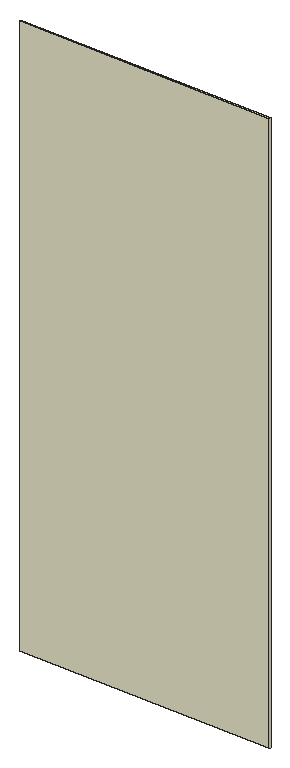
Revit family "MDF MR Circles", category Generic Models, Revit 2017
Family settings
  Can host rebar = No
  Round Connector Dimension = Use Diameter
  Part Type = Normal
  Work Plane-Based = No
  Always vertical = Yes
  Cut with Voids When Loaded = No
  Shared = Yes
  Room Calculation Point = No
Parameters (values of type "2720 x 1200")
  Primed Finich Code = "EX27 MR-CIR"  # constant formula
  Panel_width = 1200 mm  # constant formula
  Panel_thickness = 9.5 mm  # constant formula
  Material = none
  URL = "https://www.easycraft.com.au/products/253/expression-series"
  Model = "Expression Series - Circles"  # constant formula
  Manufacturer = "Easycraft Australia Pty Ltd ph 07 3906 7200"  # constant formula
  Panel_height = 2720 mm  # constant formula
  Description = "MDF MR"  # constant formula
  Assembly Code = ""
Reference planes
  plane 1 "Center (Front/Back)": y = 0
  plane 2: z = 0
  plane 3 "Center (Left/Right)": x = 0
  plane 4 "Panel face": y = -9.5
  plane 5: z = 2720
Forms (mm)
  Extrusion 1, solid, material "CLAD smooth"
    sketch origin (0, 0, 0) x (1, 0, 0) y (0, 1, 0)
      loop
        line (0, 0) -> (0, -9.5) -> (1200, -9.5) -> (1200, 0) -> (0, 0)
    from 0 to 2720
Lines and regions (mm)
  model lines, style "GenericModel"
    curve 1: circle (341.97, -9.5, 1294.19) r 253.912 normal (0, -1, 0)
    curve 2: circle (680.52, -9.5, 1648.34) r 221.288 normal (0, -1, 0)
    curve 3: circle (504.33, -9.5, 2309.5) r 221.288 normal (0, -1, 0)
    curve 4: circle (598.12, -9.5, 430.57) r 213.856 normal (0, -1, 0)
    curve 5: circle (925.01, -9.5, 1322.83) r 180.794 normal (0, -1, 0)
    curve 6: circle (816.13, -9.5, 840.4) r 176.893 normal (0, -1, 0)
    curve 7: circle (493.43, -9.5, 903.62) r 139.799 normal (0, -1, 0)
    curve 8: circle (1010.29, -9.5, 1826.35) r 139.799 normal (0, -1, 0)
    curve 9: circle (351.75, -9.5, 1946.22) r 139.799 normal (0, -1, 0)
    curve 10: circle (878.16, -9.5, 2203.52) r 139.799 normal (0, -1, 0)
    curve 11: circle (344.44, -9.5, 680.58) r 122.332 normal (0, -1, 0)
    curve 12: circle (228.48, -9.5, 2551.95) r 120.386 normal (0, -1, 0)
    curve 13: circle (889.1, -9.5, 2468.33) r 115.447 normal (0, -1, 0)
    curve 14: circle (936.95, -9.5, 432.06) r 111.864 normal (0, -1, 0)
    curve 15: circle (887.69, -9.5, 142.73) r 111.669 normal (0, -1, 0)
    curve 16: circle (263.65, -9.5, 438.99) r 106.653 normal (0, -1, 0)
    curve 17: circle (692.42, -9.5, 2584.63) r 104.424 normal (0, -1, 0)
    curve 18: circle (1083.75, -9.5, 2357.03) r 103.198 normal (0, -1, 0)
    curve 19: circle (1096.1, -9.5, 2071.56) r 102.885 normal (0, -1, 0)
    curve 20: circle (101.53, -9.5, 2072.49) r 100.994 normal (0, -1, 0)
    curve 21: circle (350.01, -9.5, 1684.04) r 100.406 normal (0, -1, 0)
    curve 22: circle (682, -9.5, 1156.88) r 99.335 normal (0, -1, 0)
    curve 23: circle (249.86, -9.5, 927.87) r 97.717 normal (0, -1, 0)
    curve 24: circle (809.48, -9.5, 1960.75) r 87.661 normal (0, -1, 0)
    curve 25: circle (192.19, -9.5, 2313.52) r 83.468 normal (0, -1, 0)
    curve 26: circle (165.49, -9.5, 1669.12) r 76.396 normal (0, -1, 0)
    curve 27: circle (989.71, -9.5, 1031.58) r 71.905 normal (0, -1, 0)
    curve 28: circle (566.08, -9.5, 2009.8) r 70 normal (0, -1, 0)
    curve 29: circle (985.67, -9.5, 2634.63) r 70 normal (0, -1, 0)
    curve 30: circle (990.65, -9.5, 1577.16) r 69.938 normal (0, -1, 0)
    curve 31: circle (922.46, -9.5, 615.56) r 66.095 normal (0, -1, 0)
    curve 32: circle (1131.4, -9.5, 1006.89) r 64.735 normal (0, -1, 0)
    curve 33: circle (256.55, -9.5, 2146.13) r 61.797 normal (0, -1, 0)
    curve 34: circle (81.46, -9.5, 1003.36) r 61.666 normal (0, -1, 0)
    curve 35: circle (846.72, -9.5, 1086.64) r 59.98 normal (0, -1, 0)
    curve 36: circle (528.55, -9.5, 700.87) r 57.589 normal (0, -1, 0)
    curve 37: circle (707.76, -9.5, 2082.45) r 57.037 normal (0, -1, 0)
    curve 38: circle (1138.24, -9.5, 2516.57) r 57.037 normal (0, -1, 0)
    curve 39: circle (851.09, -9.5, 2642.34) r 56.775 normal (0, -1, 0)
    curve 40: circle (56.23, -9.5, 2360.25) r 55.247 normal (0, -1, 0)
    curve 41: circle (58.88, -9.5, 2480.9) r 52.97 normal (0, -1, 0)
    curve 42: circle (681.91, -9.5, 160.71) r 52.796 normal (0, -1, 0)
    curve 43: circle (364.71, -9.5, 2665.31) r 51.577 normal (0, -1, 0)
    curve 44: circle (649.49, -9.5, 1367.19) r 50.736 normal (0, -1, 0)
    curve 45: circle (170.87, -9.5, 1868.27) r 50.557 normal (0, -1, 0)
    curve 46: circle (942.7, -9.5, 2015.33) r 49.881 normal (0, -1, 0)
    curve 47: circle (401.5, -9.5, 2565.87) r 48.817 normal (0, -1, 0)
    curve 48: circle (1058.04, -9.5, 200.43) r 47.277 normal (0, -1, 0)
    curve 49: circle (801.05, -9.5, 608.12) r 47.345 normal (0, -1, 0)
    curve 50: circle (551.86, -9.5, 2660.22) r 46.595 normal (0, -1, 0)
    curve 51: circle (194.24, -9.5, 292.7) r 46.093 normal (0, -1, 0)
    curve 52: circle (1074.45, -9.5, 1127.66) r 44.218 normal (0, -1, 0)
    curve 53: circle (636.89, -9.5, 690.35) r 44.11 normal (0, -1, 0)
    curve 54: circle (1152.37, -9.5, 1338.25) r 43.672 normal (0, -1, 0)
    curve 55: circle (240.93, -9.5, 1788.65) r 43.409 normal (0, -1, 0)
    curve 56: circle (838.13, -9.5, 300.34) r 41.86 normal (0, -1, 0)
    curve 57: circle (289.01, -9.5, 277.66) r 41.503 normal (0, -1, 0)
    curve 58: circle (671.43, -9.5, 1920.79) r 40.827 normal (0, -1, 0)
    curve 59: circle (47.21, -9.5, 1340.92) r 40.678 normal (0, -1, 0)
    curve 60: circle (196.57, -9.5, 141.2) r 39.226 normal (0, -1, 0)
    curve 61: circle (183.16, -9.5, 1542.83) r 38.603 normal (0, -1, 0)
    curve 62: circle (1143.55, -9.5, 1251.81) r 37.994 normal (0, -1, 0)
    curve 63: circle (364.41, -9.5, 320.16) r 37.7 normal (0, -1, 0)
    curve 64: circle (452.54, -9.5, 1793.72) r 37.689 normal (0, -1, 0)
    curve 65: circle (115.57, -9.5, 1102.8) r 37.174 normal (0, -1, 0)
    curve 66: circle (554.74, -9.5, 1083.91) r 36.965 normal (0, -1, 0)
    curve 67: circle (1037.12, -9.5, 926.81) r 36.732 normal (0, -1, 0)
    curve 68: circle (175.09, -9.5, 1049.81) r 36.307 normal (0, -1, 0)
    curve 69: circle (546.82, -9.5, 2569.61) r 36.058 normal (0, -1, 0)
    curve 70: circle (601.71, -9.5, 97.02) r 36.004 normal (0, -1, 0)
    curve 71: circle (1033.45, -9.5, 2533.39) r 36.003 normal (0, -1, 0)
    curve 72: circle (615.13, -9.5, 1034.86) r 35.908 normal (0, -1, 0)
    curve 73: circle (40.22, -9.5, 1257.65) r 35.819 normal (0, -1, 0)
    curve 74: circle (522.4, -9.5, 1868.69) r 35.685 normal (0, -1, 0)
    curve 75: circle (480.06, -9.5, 2610.62) r 34.912 normal (0, -1, 0)
    curve 76: circle (1076.61, -9.5, 490.46) r 34.764 normal (0, -1, 0)
    curve 77: circle (126.05, -9.5, 490.9) r 34.662 normal (0, -1, 0)
    curve 78: circle (233.97, -9.5, 217.58) r 34.616 normal (0, -1, 0)
    curve 79: circle (218.87, -9.5, 577.75) r 33.836 normal (0, -1, 0)
    curve 80: circle (590.08, -9.5, 178.51) r 33.701 normal (0, -1, 0)
    curve 81: circle (734.64, -9.5, 2447.32) r 33.256 normal (0, -1, 0)
    curve 82: circle (689.19, -9.5, 1018.57) r 32.888 normal (0, -1, 0)
    curve 83: circle (105.86, -9.5, 1931.78) r 32.488 normal (0, -1, 0)
    curve 84: circle (1079.74, -9.5, 1653.73) r 31.811 normal (0, -1, 0)
    curve 85: circle (680.25, -9.5, 49.58) r 31.005 normal (0, -1, 0)
    curve 86: circle (247.38, -9.5, 1593.37) r 30.93 normal (0, -1, 0)
    curve 87: circle (593.33, -9.5, 1900.81) r 30.882 normal (0, -1, 0)
    curve 88: circle (165.88, -9.5, 2195.27) r 30.9 normal (0, -1, 0)
    curve 89: circle (610.16, -9.5, 767.59) r 30.366 normal (0, -1, 0)
    curve 90: circle (97.11, -9.5, 1824.77) r 30.288 normal (0, -1, 0)
    curve 91: circle (632.54, -9.5, 1283.12) r 29.964 normal (0, -1, 0)
    curve 92: circle (470.12, -9.5, 2682.21) r 29.916 normal (0, -1, 0)
    curve 93: circle (707.25, -9.5, 1292.63) r 29.496 normal (0, -1, 0)
    curve 94: circle (134.12, -9.5, 2425.79) r 28.565 normal (0, -1, 0)
    curve 95: circle (110.95, -9.5, 1763.52) r 28.123 normal (0, -1, 0)
    curve 96: circle (169.87, -9.5, 1954.96) r 27.825 normal (0, -1, 0)
    curve 97: circle (722.37, -9.5, 650.25) r 27.497 normal (0, -1, 0)
    curve 98: circle (102.55, -9.5, 2223.83) r 27.525 normal (0, -1, 0)
    curve 99: circle (983.15, -9.5, 288.05) r 27.357 normal (0, -1, 0)
    curve 100: circle (134.37, -9.5, 228.39) r 27.317 normal (0, -1, 0)
    curve 101: circle (761.84, -9.5, 1047.63) r 27.161 normal (0, -1, 0)
    curve 102: circle (1146.81, -9.5, 467.64) r 26.734 normal (0, -1, 0)
    curve 103: circle (436.85, -9.5, 1569.01) r 26.706 normal (0, -1, 0)
    curve 104: circle (356.12, -9.5, 1008.63) r 26.326 normal (0, -1, 0)
    curve 105: circle (750.61, -9.5, 79.43) r 26.195 normal (0, -1, 0)
    curve 106: circle (245.78, -9.5, 799.65) r 25.192 normal (0, -1, 0)
    curve 107: circle (921.8, -9.5, 284.91) r 25.088 normal (0, -1, 0)
    curve 108: circle (373.02, -9.5, 529.53) r 24.727 normal (0, -1, 0)
    curve 109: circle (171.13, -9.5, 535.65) r 24.446 normal (0, -1, 0)
    curve 110: circle (765.75, -9.5, 251.44) r 24.193 normal (0, -1, 0)
    curve 111: circle (986.18, -9.5, 30.69) r 23.972 normal (0, -1, 0)
    curve 112: circle (1102.01, -9.5, 1199.93) r 24.015 normal (0, -1, 0)
    curve 113: circle (939.89, -9.5, 1666.89) r 23.925 normal (0, -1, 0)
    curve 114: circle (271.55, -9.5, 2404.5) r 23.87 normal (0, -1, 0)
    curve 115: circle (848.74, -9.5, 546.8) r 23.193 normal (0, -1, 0)
    curve 116: circle (77.44, -9.5, 2563.99) r 23.17 normal (0, -1, 0)
    curve 117: circle (61.97, -9.5, 1675.2) r 23.073 normal (0, -1, 0)
    curve 118: circle (725.53, -9.5, 1395.94) r 22.944 normal (0, -1, 0)
    curve 119: circle (793.28, -9.5, 28.85) r 22.819 normal (0, -1, 0)
    curve 120: circle (1080.9, -9.5, 422.27) r 22.756 normal (0, -1, 0)
    curve 121: circle (81.86, -9.5, 2276.28) r 22.557 normal (0, -1, 0)
    curve 122: circle (770.61, -9.5, 2388.89) r 22.533 normal (0, -1, 0)
    curve 123: circle (29.68, -9.5, 471.39) r 22.365 normal (0, -1, 0)
    curve 124: circle (215.12, -9.5, 62.74) r 22.164 normal (0, -1, 0)
    curve 125: circle (164.83, -9.5, 1786.13) r 22.222 normal (0, -1, 0)
    curve 126: circle (174.52, -9.5, 2690.93) r 22.211 normal (0, -1, 0)
    curve 127: circle (1043.46, -9.5, 320.07) r 21.826 normal (0, -1, 0)
    curve 128: circle (338.48, -9.5, 835.37) r 21.331 normal (0, -1, 0)
    curve 129: circle (287.3, -9.5, 2690.16) r 20.869 normal (0, -1, 0)
    curve 130: circle (298.54, -9.5, 1568.95) r 20.463 normal (0, -1, 0)
    curve 131: circle (225.97, -9.5, 2056.57) r 20.513 normal (0, -1, 0)
    curve 132: circle (87.61, -9.5, 187.13) r 20.439 normal (0, -1, 0)
    curve 133: circle (805.89, -9.5, 2352.43) r 20.185 normal (0, -1, 0)
    curve 134: circle (593.79, -9.5, 1416.95) r 20.047 normal (0, -1, 0)
    curve 135: circle (673.25, -9.5, 1991.63) r 20 normal (0, -1, 0)
    curve 136: circle (342.67, -9.5, 2116.96) r 20 normal (0, -1, 0)
    curve 137: circle (758.62, -9.5, 2336.74) r 20 normal (0, -1, 0)
    curve 138: circle (1080.12, -9.5, 2587.4) r 20 normal (0, -1, 0)
    curve 139: circle (150.09, -9.5, 354.56) r 19.585 normal (0, -1, 0)
    curve 140: circle (1059.72, -9.5, 369.37) r 19.336 normal (0, -1, 0)
    curve 141: circle (1028.66, -9.5, 119.21) r 19.213 normal (0, -1, 0)
    curve 142: circle (89.08, -9.5, 443.69) r 19.17 normal (0, -1, 0)
    curve 143: circle (720.77, -9.5, 1348.26) r 19.07 normal (0, -1, 0)
    curve 144: circle (479.32, -9.5, 2552.65) r 18.797 normal (0, -1, 0)
    curve 145: circle (87.46, -9.5, 1879.3) r 18.572 normal (0, -1, 0)
    curve 146: circle (80.13, -9.5, 1720.25) r 18.333 normal (0, -1, 0)
    curve 147: circle (48.03, -9.5, 1748.84) r 18.021 normal (0, -1, 0)
    curve 148: circle (232.65, -9.5, 2696.75) r 17.854 normal (0, -1, 0)
    curve 149: circle (136.02, -9.5, 164.58) r 17.393 normal (0, -1, 0)
    curve 150: circle (51.8, -9.5, 1851.62) r 16.801 normal (0, -1, 0)
    curve 151: circle (186.06, -9.5, 2417.18) r 16.592 normal (0, -1, 0)
    curve 152: circle (295.86, -9.5, 815.33) r 16.091 normal (0, -1, 0)
    curve 153: circle (233.42, -9.5, 1044.51) r 16.01 normal (0, -1, 0)
    curve 154: circle (66.07, -9.5, 1784.49) r 16 normal (0, -1, 0)
    curve 155: circle (135.25, -9.5, 403.53) r 15.74 normal (0, -1, 0)
    curve 156: circle (27.94, -9.5, 2554.27) r 15.627 normal (0, -1, 0)
    curve 157: circle (97.43, -9.5, 1165.22) r 15.435 normal (0, -1, 0)
    curve 158: circle (80.01, -9.5, 1206.6) r 15.148 normal (0, -1, 0)
    curve 159: circle (391.55, -9.5, 1567.4) r 14.756 normal (0, -1, 0)
    curve 160: circle (758.15, -9.5, 198.55) r 14.706 normal (0, -1, 0)
    curve 161: circle (735.84, -9.5, 2369.22) r 14.414 normal (0, -1, 0)
    curve 162: circle (721.42, -9.5, 229.16) r 14.188 normal (0, -1, 0)
    curve 163: circle (225.17, -9.5, 2412.16) r 13.645 normal (0, -1, 0)
    curve 164: circle (348.15, -9.5, 1567.01) r 13.383 normal (0, -1, 0)
    curve 165: circle (243.16, -9.5, 1545.09) r 13.069 normal (0, -1, 0)
    curve 166: circle (727.47, -9.5, 2398.7) r 12.921 normal (0, -1, 0)
    curve 167: circle (71.94, -9.5, 491.58) r 12.291 normal (0, -1, 0)
    curve 168: circle (433.36, -9.5, 2637.21) r 11.851 normal (0, -1, 0)
    curve 169: circle (506.98, -9.5, 1816.1) r 11.632 normal (0, -1, 0)
    curve 170: circle (473.42, -9.5, 1847.89) r 11.632 normal (0, -1, 0)
    curve 171: circle (524.31, -9.5, 1926.24) r 11.632 normal (0, -1, 0)
    curve 172: circle (479.19, -9.5, 2061.09) r 11.632 normal (0, -1, 0)
    curve 173: circle (138.22, -9.5, 1809.66) r 9.732 normal (0, -1, 0)
    curve 174: circle (143.48, -9.5, 1581.54) r 9.25 normal (0, -1, 0)
    curve 175: circle (269.94, -9.5, 1551.86) r 8.764 normal (0, -1, 0)
    curve 176: circle (53.24, -9.5, 1714.66) r 6.889 normal (0, -1, 0)
    curve 177: circle (204.45, -9.5, 1589.28) r 6.78 normal (0, -1, 0)
    curve 178: circle (57.26, -9.5, 1818.47) r 5.46 normal (0, -1, 0)
    curve 179: arc (1200, -9.5, 177.875) -> (1074.224, -9.5, 125.776) -> (1022.125, -9.5, 0) r 177.875
    curve 180: arc (0, -9.5, 194.643) -> (124.247, -9.5, 318.89) -> (0, -9.5, 443.137) r 124.247
    curve 181: arc (1200, -9.5, 443.137) -> (1075.753, -9.5, 318.89) -> (1200, -9.5, 194.643) r 124.247
    curve 182: arc (177.875, -9.5, 0) -> (125.776, -9.5, 125.776) -> (0, -9.5, 177.875) r 177.875
    curve 183: arc (263.787, -9.5, -1.44) -> (233.67, -9.5, 30.841) -> (202.08, -9.5, 0) r 30.87
    curve 184: arc (686.416, -9.5, 0) -> (608.57, -9.5, 32.515) -> (530.724, -9.5, 0) r 109.445
    curve 185: arc (524.109, -9.5, 0) -> (400.61, -9.5, 263.387) -> (277.111, -9.5, 0) r 160.647
    curve 186: arc (0, -9.5, 1067.132) -> (78.198, -9.5, 1145.33) -> (0, -9.5, 1223.528) r 78.198
    curve 187: arc (1200, -9.5, 1223.528) -> (1121.802, -9.5, 1145.33) -> (1200, -9.5, 1067.132) r 78.198
    curve 188: arc (0, -9.5, 1662.385) -> (43.485, -9.5, 1705.87) -> (0, -9.5, 1749.355) r 43.485
    curve 189: arc (1200, -9.5, 1749.355) -> (1156.515, -9.5, 1705.87) -> (1200, -9.5, 1662.385) r 43.485
    curve 190: arc (0, -9.5, 1751.946) -> (49.174, -9.5, 1801.12) -> (0, -9.5, 1850.294) r 49.174
    curve 191: arc (1200, -9.5, 1850.294) -> (1150.826, -9.5, 1801.12) -> (1200, -9.5, 1751.946) r 49.174
    curve 192: arc (0, -9.5, 1855.718) -> (69.262, -9.5, 1924.98) -> (0, -9.5, 1994.242) r 69.262
    curve 193: arc (1200, -9.5, 1994.242) -> (1130.738, -9.5, 1924.98) -> (1200, -9.5, 1855.718) r 69.262
    curve 194: arc (0, -9.5, 2154.469) -> (65.531, -9.5, 2220) -> (0, -9.5, 2285.531) r 65.531
    curve 195: arc (1200, -9.5, 2285.531) -> (1134.469, -9.5, 2220) -> (1200, -9.5, 2154.469) r 65.531
    curve 196: arc (0, -9.5, 498.712) -> (221.288, -9.5, 720) -> (0, -9.5, 941.288) r 221.288
    curve 197: arc (1200, -9.5, 941.288) -> (978.712, -9.5, 720) -> (1200, -9.5, 498.712) r 221.288
    curve 198: arc (0, -9.5, 2580.201) -> (98.853, -9.5, 2621.147) -> (139.799, -9.5, 2720) r 139.799
    curve 199: arc (1060.201, -9.5, 2720) -> (1101.147, -9.5, 2621.147) -> (1200, -9.5, 2580.201) r 139.799
    curve 200: arc (0, -9.5, 1380.201) -> (139.799, -9.5, 1520) -> (0, -9.5, 1659.799) r 139.799
    curve 201: arc (1200, -9.5, 1659.799) -> (1060.201, -9.5, 1520) -> (1200, -9.5, 1380.201) r 139.799
Dimensions and locks
  "Panel_thickness": plane 4 "Panel face" to plane 1 "Center (Front/Back)"
  "Panel_width": Extrusion 1 to Extrusion 1
  "Panel_height": plane 5 to plane 2
  aligned and locked: level to plane 2
  aligned and locked: Extrusion 1 to level
  aligned and locked: plane 4 "Panel face" to Extrusion 1
Automatic sketch dimensions
  Extrusion 1 sketch curve to plane 3 "Center (Left/Right)" = 0 mm
  plane 4 "Panel face" to Extrusion 1 sketch curve = 0 mm
  plane 1 "Center (Front/Back)" to Extrusion 1 sketch curve = 0 mm
  Extrusion 1 sketch curve to Extrusion 1 sketch curve = 1200 mm
  curve 190 to plane 3 "Center (Left/Right)" = 0 mm
  curve 200 to plane 3 "Center (Left/Right)" = 0 mm
  curve 180 to plane 3 "Center (Left/Right)" = 0 mm
  curve 198 to plane 3 "Center (Left/Right)" = 0 mm
  curve 196 to plane 3 "Center (Left/Right)" = 0 mm
  curve 194 to plane 3 "Center (Left/Right)" = 0 mm
  curve 192 to plane 3 "Center (Left/Right)" = 0 mm
  curve 182 to level = 0 mm
  curve 182 to plane 3 "Center (Left/Right)" = 0 mm
  curve 186 to plane 3 "Center (Left/Right)" = 0 mm
  curve 188 to plane 3 "Center (Left/Right)" = 0 mm
  curve 198 to plane 5 = 0 mm
  curve 183 to level = 0 mm
  curve 185 to level = 0 mm  (x2)
  curve 184 to level = 0 mm  (x2)
  curve 179 to level = 0 mm
  curve 199 to plane 5 = 0 mm
  plane 3 "Center (Left/Right)" to curve 156 = 27.94 mm
  plane 3 "Center (Left/Right)" to curve 123 = 29.68 mm
  plane 3 "Center (Left/Right)" to curve 73 = 40.22 mm
  plane 3 "Center (Left/Right)" to curve 59 = 47.21 mm
  plane 3 "Center (Left/Right)" to curve 147 = 48.03 mm
  plane 3 "Center (Left/Right)" to curve 150 = 51.8 mm
  curve 147 to curve 176 = 5.21 mm
  plane 3 "Center (Left/Right)" to curve 40 = 56.23 mm
  curve 150 to curve 178 = 5.46 mm
  plane 3 "Center (Left/Right)" to curve 41 = 58.88 mm
  curve 176 to curve 117 = 8.73 mm
  curve 178 to curve 154 = 8.81 mm
  curve 123 to curve 167 = 42.26 mm
  curve 156 to curve 116 = 49.5 mm
  curve 73 to curve 158 = 39.79 mm
  curve 176 to curve 146 = 26.89 mm
  plane 3 "Center (Left/Right)" to curve 34 = 81.46 mm
  plane 3 "Center (Left/Right)" to curve 121 = 81.86 mm
  curve 150 to curve 145 = 35.66 mm
  plane 3 "Center (Left/Right)" to curve 132 = 87.61 mm
  curve 167 to curve 142 = 17.14 mm
  curve 178 to curve 90 = 39.85 mm
  curve 158 to curve 157 = 17.42 mm
  plane 3 "Center (Left/Right)" to curve 20 = 101.53 mm
  curve 121 to curve 98 = 20.69 mm
  curve 145 to curve 83 = 18.4 mm
  curve 154 to curve 95 = 44.88 mm
  curve 157 to curve 65 = 18.14 mm
  curve 167 to curve 77 = 54.11 mm
  curve 41 to curve 94 = 75.24 mm
  curve 132 to curve 100 = 46.76 mm
  curve 142 to curve 155 = 46.17 mm
  curve 132 to curve 149 = 48.41 mm
  curve 90 to curve 173 = 41.11 mm
  curve 117 to curve 174 = 81.51 mm
  curve 155 to curve 139 = 14.84 mm
  curve 173 to curve 125 = 26.61 mm
  curve 174 to curve 26 = 22.01 mm
  curve 98 to curve 88 = 63.33 mm
  curve 83 to curve 96 = 64.01 mm
  curve 173 to curve 45 = 32.65 mm
  curve 77 to curve 109 = 45.08 mm
  plane 5 to curve 126 = 29.07 mm
  curve 116 to curve 126 = 97.08 mm
  curve 65 to curve 68 = 59.52 mm
  curve 174 to curve 61 = 39.68 mm
  curve 94 to curve 151 = 51.94 mm
  curve 151 to curve 25 = 6.13 mm
  curve 139 to curve 51 = 44.15 mm
  curve 149 to curve 60 = 60.55 mm
  curve 61 to curve 177 = 21.29 mm
  curve 60 to curve 124 = 18.55 mm
  curve 109 to curve 79 = 47.74 mm
  curve 151 to curve 163 = 39.11 mm
  curve 96 to curve 131 = 56.1 mm
  curve 163 to curve 12 = 3.31 mm
  plane 5 to curve 148 = 23.25 mm
  curve 126 to curve 148 = 58.13 mm
  curve 183 to level = 0.02 mm
  curve 124 to curve 183 = 17.83 mm
  curve 68 to curve 153 = 58.33 mm
  curve 51 to curve 78 = 39.73 mm
  curve 125 to curve 55 = 76.1 mm
  curve 177 to curve 165 = 38.71 mm
  curve 79 to curve 106 = 26.91 mm
  curve 177 to curve 86 = 42.93 mm
  curve 153 to curve 23 = 16.44 mm
  curve 131 to curve 33 = 30.58 mm
  curve 155 to curve 16 = 128.4 mm
  curve 165 to curve 175 = 26.78 mm
  curve 163 to curve 114 = 46.38 mm
  curve 148 to curve 129 = 54.65 mm
  curve 78 to curve 57 = 55.04 mm
  curve 106 to curve 152 = 50.08 mm
  curve 175 to curve 130 = 28.6 mm
  curve 152 to curve 128 = 42.62 mm
  curve 175 to curve 1 = 72.03 mm
  curve 33 to curve 136 = 86.12 mm
  curve 152 to curve 11 = 48.58 mm
  curve 130 to curve 164 = 49.61 mm
  curve 164 to curve 21 = 1.86 mm
  curve 131 to curve 9 = 125.78 mm
  curve 153 to curve 104 = 122.7 mm
  curve 57 to curve 63 = 75.4 mm
  curve 129 to curve 43 = 77.41 mm
  curve 16 to curve 108 = 109.37 mm
  curve 164 to curve 159 = 43.4 mm
  curve 124 to curve 185 = 185.49 mm
  curve 43 to curve 47 = 36.79 mm
  curve 43 to curve 168 = 68.65 mm
  curve 159 to curve 103 = 45.3 mm
  curve 21 to curve 64 = 102.53 mm
  curve 168 to curve 92 = 36.76 mm
  curve 64 to curve 170 = 20.88 mm
  curve 136 to curve 172 = 136.52 mm
  curve 47 to curve 144 = 77.82 mm
  curve 168 to curve 75 = 46.7 mm
  curve 128 to curve 7 = 154.95 mm
  curve 144 to curve 3 = 25.01 mm
  curve 170 to curve 169 = 33.56 mm
  curve 170 to curve 74 = 48.98 mm
  curve 74 to curve 171 = 1.91 mm
  curve 11 to curve 36 = 184.11 mm
  curve 144 to curve 69 = 67.5 mm
  curve 92 to curve 50 = 81.74 mm
  curve 7 to curve 66 = 61.31 mm
  curve 171 to curve 28 = 41.77 mm
  curve 185 to curve 80 = 189.47 mm
  curve 171 to curve 87 = 69.02 mm
  curve 103 to curve 134 = 156.94 mm
  curve 108 to curve 4 = 225.1 mm
  curve 80 to curve 70 = 11.63 mm
  curve 184 to level = 76.93 mm
  curve 70 to curve 184 = 6.86 mm
  curve 36 to curve 89 = 81.61 mm
  curve 66 to curve 72 = 60.39 mm
  curve 134 to curve 91 = 38.75 mm
  curve 89 to curve 53 = 26.73 mm
  curve 134 to curve 44 = 55.7 mm
  curve 87 to curve 58 = 78.1 mm
  curve 58 to curve 135 = 1.82 mm
  curve 70 to curve 85 = 78.54 mm
  curve 169 to curve 2 = 173.54 mm
  curve 80 to curve 42 = 91.83 mm
  curve 91 to curve 22 = 49.46 mm
  curve 72 to curve 82 = 74.06 mm
  curve 69 to curve 17 = 145.6 mm
  curve 91 to curve 93 = 74.71 mm
  curve 135 to curve 37 = 34.51 mm
  curve 93 to curve 143 = 13.52 mm
  curve 42 to curve 162 = 39.51 mm
  curve 53 to curve 97 = 85.48 mm
  curve 143 to curve 118 = 4.76 mm
  curve 17 to curve 166 = 35.05 mm
  curve 166 to curve 81 = 7.17 mm
  curve 166 to curve 161 = 8.37 mm
  curve 85 to curve 105 = 70.36 mm
  curve 162 to curve 160 = 36.73 mm
  curve 161 to curve 137 = 22.78 mm
  curve 82 to curve 101 = 72.65 mm
  curve 162 to curve 110 = 44.33 mm
  curve 161 to curve 122 = 34.77 mm
  level to curve 119 = 28.85 mm
  curve 105 to curve 119 = 42.67 mm
  curve 97 to curve 49 = 78.68 mm
  curve 137 to curve 133 = 47.27 mm
  curve 135 to curve 24 = 136.23 mm
  curve 97 to curve 6 = 93.76 mm
  curve 110 to curve 56 = 72.38 mm
  curve 101 to curve 35 = 84.88 mm
  curve 49 to curve 115 = 47.69 mm
  plane 5 to curve 39 = 77.66 mm
  curve 17 to curve 39 = 158.67 mm
  curve 133 to curve 10 = 72.27 mm
  curve 160 to curve 15 = 129.54 mm
  curve 122 to curve 13 = 118.49 mm
  curve 56 to curve 107 = 83.67 mm
  curve 115 to curve 31 = 73.72 mm
  curve 143 to curve 5 = 204.24 mm
  curve 115 to curve 14 = 88.21 mm
  curve 2 to curve 113 = 259.37 mm
  curve 24 to curve 46 = 133.22 mm
  curve 107 to curve 99 = 61.35 mm
  curve 39 to curve 29 = 134.58 mm
  level to curve 111 = 30.69 mm
  curve 15 to curve 111 = 98.49 mm
  curve 35 to curve 27 = 142.99 mm
  curve 113 to curve 30 = 50.76 mm
  curve 113 to curve 8 = 70.4 mm
  curve 111 to curve 141 = 42.48 mm
  curve 29 to curve 71 = 47.78 mm
  curve 27 to curve 67 = 47.41 mm
  curve 99 to curve 127 = 60.31 mm
  curve 141 to curve 48 = 29.38 mm
  curve 127 to curve 140 = 16.26 mm
  curve 27 to curve 52 = 84.74 mm
  curve 140 to curve 76 = 16.89 mm
  curve 30 to curve 84 = 89.09 mm
  curve 71 to curve 138 = 46.67 mm
  curve 140 to curve 120 = 21.18 mm
  curve 71 to curve 18 = 50.3 mm
  curve 46 to curve 19 = 153.4 mm
  curve 52 to curve 112 = 27.56 mm
  curve 67 to curve 32 = 94.28 mm
  curve 138 to curve 38 = 58.12 mm
  curve 112 to curve 62 = 41.54 mm
  curve 76 to curve 102 = 70.2 mm
  curve 62 to curve 54 = 8.82 mm
  curve 19 to curve 193 = 103.9 mm
  curve 112 to curve 187 = 97.99 mm
  curve 18 to curve 195 = 116.25 mm
  curve 193 to curve 191 = 0 mm
  curve 102 to curve 197 = 53.19 mm
  curve 140 to curve 181 = 140.28 mm
  curve 138 to curve 199 = 119.88 mm
  curve 181 to curve 179 = 0 mm
  curve 191 to curve 189 = 0 mm
  curve 189 to curve 201 = 0 mm
  level to curve 85 = 49.58 mm
  level to curve 124 = 62.74 mm
  curve 119 to curve 105 = 50.58 mm
  curve 85 to curve 70 = 47.44 mm
  level to curve 185 = 102.74 mm
  curve 111 to curve 141 = 88.52 mm
  curve 124 to curve 60 = 78.46 mm
  level to curve 15 = 142.73 mm
  curve 70 to curve 42 = 63.69 mm
  curve 60 to curve 149 = 23.38 mm
  curve 70 to curve 80 = 81.49 mm
  curve 149 to curve 132 = 22.55 mm
  curve 42 to curve 160 = 37.84 mm
  curve 141 to curve 48 = 81.22 mm
  curve 60 to curve 78 = 76.38 mm
  curve 132 to curve 100 = 41.26 mm
  curve 160 to curve 162 = 30.61 mm
  curve 162 to curve 110 = 22.28 mm
  curve 78 to curve 57 = 60.08 mm
  curve 15 to curve 107 = 142.18 mm
  curve 107 to curve 99 = 3.14 mm
  curve 78 to curve 51 = 75.12 mm
  curve 107 to curve 56 = 15.43 mm
  curve 132 to curve 180 = 131.76 mm
  curve 48 to curve 181 = 118.46 mm
  curve 99 to curve 127 = 32.02 mm
  curve 57 to curve 63 = 42.5 mm
  curve 51 to curve 139 = 61.86 mm
  curve 127 to curve 140 = 49.3 mm
  curve 139 to curve 155 = 48.97 mm
  curve 140 to curve 120 = 52.9 mm
  curve 162 to curve 4 = 201.41 mm
  curve 140 to curve 14 = 62.69 mm
  curve 155 to curve 16 = 35.46 mm
  curve 155 to curve 142 = 40.16 mm
  curve 120 to curve 102 = 45.37 mm
  curve 142 to curve 123 = 27.7 mm
  curve 120 to curve 76 = 68.19 mm
  curve 142 to curve 77 = 47.21 mm
  curve 123 to curve 167 = 20.19 mm
  curve 16 to curve 108 = 90.54 mm
  curve 77 to curve 109 = 44.75 mm
  curve 14 to curve 115 = 114.74 mm
  curve 109 to curve 79 = 42.1 mm
  curve 115 to curve 49 = 61.32 mm
  curve 115 to curve 31 = 68.76 mm
  curve 49 to curve 97 = 42.13 mm
  curve 108 to curve 11 = 151.05 mm
  curve 97 to curve 53 = 40.1 mm
  curve 53 to curve 36 = 10.52 mm
  curve 167 to curve 196 = 228.42 mm
  curve 102 to curve 197 = 252.36 mm
  curve 53 to curve 89 = 77.24 mm
  curve 11 to curve 106 = 119.07 mm
  curve 106 to curve 152 = 15.68 mm
  curve 152 to curve 128 = 20.04 mm
  curve 97 to curve 6 = 190.15 mm
  curve 128 to curve 7 = 68.25 mm
  curve 6 to curve 67 = 86.41 mm
  curve 152 to curve 23 = 112.54 mm
  curve 23 to curve 34 = 75.49 mm
  curve 67 to curve 32 = 80.08 mm
  curve 23 to curve 104 = 80.76 mm
  curve 6 to curve 82 = 178.17 mm
  curve 67 to curve 27 = 104.77 mm
  curve 82 to curve 72 = 16.29 mm
  curve 23 to curve 153 = 116.64 mm
  curve 82 to curve 101 = 29.06 mm
  curve 153 to curve 68 = 5.3 mm
  curve 72 to curve 66 = 49.05 mm
  curve 101 to curve 35 = 39.01 mm
  curve 68 to curve 65 = 52.99 mm
  curve 27 to curve 52 = 96.08 mm
  curve 65 to curve 186 = 42.53 mm
  curve 52 to curve 187 = 17.67 mm
  curve 101 to curve 22 = 109.25 mm
  curve 65 to curve 157 = 62.42 mm
  curve 52 to curve 112 = 72.27 mm
  curve 157 to curve 158 = 41.38 mm
  curve 112 to curve 62 = 51.88 mm
  curve 158 to curve 73 = 51.05 mm
  curve 22 to curve 91 = 126.24 mm
  curve 91 to curve 93 = 9.51 mm
  curve 153 to curve 1 = 249.68 mm
  curve 112 to curve 5 = 122.9 mm
  curve 62 to curve 54 = 86.44 mm
  curve 73 to curve 59 = 83.27 mm
  curve 93 to curve 143 = 55.63 mm
  curve 143 to curve 44 = 18.93 mm
  curve 143 to curve 118 = 47.68 mm
  curve 44 to curve 134 = 49.76 mm
  curve 59 to curve 200 = 179.08 mm
  curve 54 to curve 201 = 181.75 mm
  curve 200 to curve 61 = 22.83 mm
  curve 61 to curve 165 = 2.26 mm
  curve 165 to curve 175 = 6.77 mm
  curve 175 to curve 164 = 15.15 mm
  curve 164 to curve 159 = 0.39 mm
  curve 175 to curve 130 = 17.09 mm
  curve 159 to curve 103 = 1.61 mm
  curve 201 to curve 30 = 57.16 mm
  curve 61 to curve 174 = 38.71 mm
  curve 61 to curve 177 = 46.45 mm
  curve 177 to curve 86 = 4.09 mm
  curve 134 to curve 2 = 231.39 mm
  curve 30 to curve 84 = 76.57 mm
  curve 30 to curve 113 = 89.73 mm
  curve 177 to curve 26 = 79.84 mm
  curve 26 to curve 117 = 6.08 mm
  curve 164 to curve 21 = 117.03 mm
  curve 84 to curve 189 = 52.14 mm
  curve 117 to curve 188 = 30.67 mm
  curve 117 to curve 176 = 39.46 mm
  curve 176 to curve 146 = 5.59 mm
  curve 176 to curve 147 = 34.18 mm
  curve 146 to curve 95 = 43.27 mm
  curve 147 to curve 154 = 35.65 mm
  curve 95 to curve 125 = 22.61 mm
  curve 125 to curve 55 = 2.52 mm
  curve 21 to curve 64 = 109.68 mm
  curve 154 to curve 190 = 16.63 mm
  curve 189 to curve 191 = 95.25 mm
  curve 125 to curve 173 = 23.53 mm
  curve 64 to curve 169 = 22.38 mm
  curve 154 to curve 178 = 33.98 mm
  curve 178 to curve 90 = 6.3 mm
  curve 113 to curve 8 = 159.46 mm
  curve 169 to curve 170 = 31.79 mm
  curve 178 to curve 150 = 33.15 mm
  curve 173 to curve 45 = 58.61 mm
  curve 170 to curve 74 = 20.8 mm
  curve 150 to curve 145 = 27.68 mm
  curve 74 to curve 87 = 32.12 mm
  curve 87 to curve 58 = 19.98 mm
  curve 150 to curve 192 = 73.36 mm
  curve 191 to curve 193 = 123.86 mm
  curve 74 to curve 171 = 57.55 mm
  curve 145 to curve 83 = 52.48 mm
  curve 170 to curve 9 = 98.33 mm
  curve 83 to curve 96 = 23.18 mm
  curve 58 to curve 24 = 39.96 mm
  curve 58 to curve 135 = 70.84 mm
  curve 171 to curve 28 = 83.56 mm
  curve 24 to curve 46 = 54.58 mm
  curve 96 to curve 131 = 101.61 mm
  curve 28 to curve 172 = 51.29 mm
  curve 46 to curve 19 = 56.23 mm
  curve 131 to curve 20 = 15.92 mm
  curve 135 to curve 37 = 90.82 mm
  curve 131 to curve 136 = 60.39 mm
  curve 136 to curve 33 = 29.17 mm
  curve 33 to curve 88 = 49.14 mm
  curve 46 to curve 10 = 188.19 mm
  curve 88 to curve 194 = 24.73 mm
  curve 19 to curve 195 = 148.44 mm
  curve 88 to curve 98 = 28.56 mm
  curve 98 to curve 121 = 52.45 mm
  curve 172 to curve 3 = 248.41 mm
  curve 121 to curve 25 = 37.24 mm
  curve 10 to curve 137 = 133.22 mm
  curve 137 to curve 133 = 15.69 mm
  curve 195 to curve 18 = 137.03 mm
  curve 121 to curve 40 = 83.97 mm
  curve 137 to curve 161 = 32.48 mm
  curve 161 to curve 122 = 19.67 mm
  curve 161 to curve 166 = 29.48 mm
  curve 25 to curve 114 = 90.98 mm
  curve 114 to curve 163 = 7.66 mm
  curve 163 to curve 151 = 5.02 mm
  curve 151 to curve 94 = 8.61 mm
  curve 166 to curve 81 = 48.62 mm
  curve 122 to curve 13 = 79.44 mm
  curve 94 to curve 41 = 55.11 mm
  curve 18 to curve 38 = 159.54 mm
  curve 38 to curve 71 = 16.82 mm
  curve 163 to curve 12 = 139.79 mm
  plane 5 to curve 144 = 167.35 mm
  curve 41 to curve 156 = 73.37 mm
  curve 156 to curve 116 = 9.72 mm
  curve 144 to curve 47 = 13.22 mm
  curve 144 to curve 69 = 16.96 mm
  plane 5 to curve 17 = 135.37 mm
  curve 71 to curve 138 = 54.01 mm
  curve 144 to curve 75 = 57.97 mm
  plane 5 to curve 29 = 85.37 mm
  curve 75 to curve 168 = 26.59 mm
  plane 5 to curve 50 = 59.78 mm
  plane 5 to curve 43 = 54.69 mm
  plane 5 to curve 92 = 37.79 mm
  plane 5 to curve 129 = 29.84 mm
  curve 198 to curve 126 = 34.721 mm
  curve 182 to curve 183 = 55.075 mm
  curve 182 to curve 183 = 24.206 mm
  curve 183 to level = 1.44 mm
  curve 183 to curve 185 = 13.324 mm
  curve 185 to curve 184 = 6.615 mm
  curve 111 to curve 179 = 35.945 mm
  curve 29 to curve 199 = 74.531 mm
  curve 179 to curve 181 = 16.769 mm
  curve 182 to curve 180 = 16.769 mm
  curve 181 to curve 197 = 55.575 mm
  curve 123 to curve 196 = 27.322 mm
  curve 186 to curve 186 = 78.198 mm
  curve 187 to curve 187 = 78.198 mm
  curve 54 to curve 201 = 41.951 mm
  curve 59 to curve 200 = 39.281 mm
  curve 201 to curve 189 = 2.586 mm
  curve 200 to curve 188 = 2.586 mm
  curve 189 to curve 191 = 2.591 mm
  curve 188 to curve 190 = 2.591 mm
  curve 191 to curve 193 = 5.424 mm
  curve 190 to curve 192 = 5.424 mm
  curve 195 to curve 195 = 65.531 mm
  curve 194 to curve 194 = 65.531 mm
  radius of curve 1 = 253.912 mm
  radius of curve 2 = 221.288 mm
  radius of curve 3 = 221.288 mm
  radius of curve 4 = 213.856 mm
  radius of curve 5 = 180.794 mm
  radius of curve 6 = 176.893 mm
  radius of curve 7 = 139.799 mm
  radius of curve 8 = 139.799 mm
  radius of curve 9 = 139.799 mm
  radius of curve 10 = 139.799 mm
  radius of curve 11 = 122.332 mm
  radius of curve 12 = 120.386 mm
  radius of curve 13 = 115.447 mm
  radius of curve 14 = 111.864 mm
  radius of curve 15 = 111.669 mm
  radius of curve 16 = 106.653 mm
  radius of curve 17 = 104.424 mm
  radius of curve 18 = 103.198 mm
  radius of curve 19 = 102.885 mm
  radius of curve 20 = 100.994 mm
  radius of curve 21 = 100.406 mm
  radius of curve 22 = 99.335 mm
  radius of curve 23 = 97.717 mm
  radius of curve 24 = 87.661 mm
  radius of curve 25 = 83.468 mm
  radius of curve 26 = 76.396 mm
  radius of curve 27 = 71.905 mm
  radius of curve 28 = 70 mm
  radius of curve 29 = 70 mm
  radius of curve 30 = 69.938 mm
  radius of curve 31 = 66.095 mm
  radius of curve 32 = 64.735 mm
  radius of curve 33 = 61.797 mm
  radius of curve 34 = 61.666 mm
  radius of curve 35 = 59.98 mm
  radius of curve 36 = 57.589 mm
  radius of curve 37 = 57.037 mm
  radius of curve 38 = 57.037 mm
  radius of curve 39 = 56.775 mm
  radius of curve 40 = 55.247 mm
  radius of curve 41 = 52.97 mm
  radius of curve 42 = 52.796 mm
  radius of curve 43 = 51.577 mm
  radius of curve 44 = 50.736 mm
  radius of curve 45 = 50.557 mm
  radius of curve 46 = 49.881 mm
  radius of curve 47 = 48.817 mm
  radius of curve 48 = 47.277 mm
  radius of curve 49 = 47.345 mm
  radius of curve 50 = 46.595 mm
  radius of curve 51 = 46.093 mm
  radius of curve 52 = 44.218 mm
  radius of curve 53 = 44.11 mm
  radius of curve 54 = 43.672 mm
  radius of curve 55 = 43.409 mm
  radius of curve 56 = 41.86 mm
  radius of curve 57 = 41.503 mm
  radius of curve 58 = 40.827 mm
  radius of curve 59 = 40.678 mm
  radius of curve 60 = 39.226 mm
  radius of curve 61 = 38.603 mm
  radius of curve 62 = 37.994 mm
  radius of curve 63 = 37.7 mm
  radius of curve 64 = 37.689 mm
  radius of curve 65 = 37.174 mm
  radius of curve 66 = 36.965 mm
  radius of curve 67 = 36.732 mm
  radius of curve 68 = 36.307 mm
  radius of curve 69 = 36.058 mm
  radius of curve 70 = 36.004 mm
  radius of curve 71 = 36.003 mm
  radius of curve 72 = 35.908 mm
  radius of curve 73 = 35.819 mm
  radius of curve 74 = 35.685 mm
  radius of curve 75 = 34.912 mm
  radius of curve 76 = 34.764 mm
  radius of curve 77 = 34.662 mm
  radius of curve 78 = 34.616 mm
  radius of curve 79 = 33.836 mm
  radius of curve 80 = 33.701 mm
  radius of curve 81 = 33.256 mm
  radius of curve 82 = 32.888 mm
  radius of curve 83 = 32.488 mm
  radius of curve 84 = 31.811 mm
  radius of curve 85 = 31.005 mm
  radius of curve 86 = 30.93 mm
  radius of curve 87 = 30.882 mm
  radius of curve 88 = 30.9 mm
  radius of curve 89 = 30.366 mm
  radius of curve 90 = 30.288 mm
  radius of curve 91 = 29.964 mm
  radius of curve 92 = 29.916 mm
  radius of curve 93 = 29.496 mm
  radius of curve 94 = 28.565 mm
  radius of curve 95 = 28.123 mm
  radius of curve 96 = 27.825 mm
  radius of curve 97 = 27.497 mm
  radius of curve 98 = 27.525 mm
  radius of curve 99 = 27.357 mm
  radius of curve 100 = 27.317 mm
  radius of curve 101 = 27.161 mm
  radius of curve 102 = 26.734 mm
  radius of curve 103 = 26.706 mm
  radius of curve 104 = 26.326 mm
  radius of curve 105 = 26.195 mm
  radius of curve 106 = 25.192 mm
  radius of curve 107 = 25.088 mm
  radius of curve 108 = 24.727 mm
  radius of curve 109 = 24.446 mm
  radius of curve 110 = 24.193 mm
  radius of curve 111 = 23.972 mm
  radius of curve 112 = 24.015 mm
  radius of curve 113 = 23.925 mm
  radius of curve 114 = 23.87 mm
  radius of curve 115 = 23.193 mm
  radius of curve 116 = 23.17 mm
  radius of curve 117 = 23.073 mm
  radius of curve 118 = 22.944 mm
  radius of curve 119 = 22.819 mm
  radius of curve 120 = 22.756 mm
  radius of curve 121 = 22.557 mm
  radius of curve 122 = 22.533 mm
  radius of curve 123 = 22.365 mm
  radius of curve 124 = 22.164 mm
  radius of curve 125 = 22.222 mm
  radius of curve 126 = 22.211 mm
  radius of curve 127 = 21.826 mm
  radius of curve 128 = 21.331 mm
  radius of curve 129 = 20.869 mm
  radius of curve 130 = 20.463 mm
  radius of curve 131 = 20.513 mm
  radius of curve 132 = 20.439 mm
  radius of curve 133 = 20.185 mm
  radius of curve 134 = 20.047 mm
  radius of curve 135 = 20 mm
  radius of curve 136 = 20 mm
  radius of curve 137 = 20 mm
  radius of curve 138 = 20 mm
  radius of curve 139 = 19.585 mm
  radius of curve 140 = 19.336 mm
  radius of curve 141 = 19.213 mm
  radius of curve 142 = 19.17 mm
  radius of curve 143 = 19.07 mm
  radius of curve 144 = 18.797 mm
  radius of curve 145 = 18.572 mm
  radius of curve 146 = 18.333 mm
  radius of curve 147 = 18.021 mm
  radius of curve 148 = 17.854 mm
  radius of curve 149 = 17.393 mm
  radius of curve 150 = 16.801 mm
  radius of curve 151 = 16.592 mm
  radius of curve 152 = 16.091 mm
  radius of curve 153 = 16.01 mm
  radius of curve 154 = 16 mm
  radius of curve 155 = 15.74 mm
  radius of curve 156 = 15.627 mm
  radius of curve 157 = 15.435 mm
  radius of curve 158 = 15.148 mm
  radius of curve 159 = 14.756 mm
  radius of curve 160 = 14.706 mm
  radius of curve 161 = 14.414 mm
  radius of curve 162 = 14.188 mm
  radius of curve 163 = 13.645 mm
  radius of curve 164 = 13.383 mm
  radius of curve 165 = 13.069 mm
  radius of curve 166 = 12.921 mm
  radius of curve 167 = 12.291 mm
  radius of curve 168 = 11.851 mm
  radius of curve 169 = 11.632 mm
  radius of curve 170 = 11.632 mm
  radius of curve 171 = 11.632 mm
  radius of curve 172 = 11.632 mm
  radius of curve 173 = 9.732 mm
  radius of curve 174 = 9.25 mm
  radius of curve 175 = 8.764 mm
  radius of curve 176 = 6.889 mm
  radius of curve 177 = 6.78 mm
  radius of curve 178 = 5.46 mm
